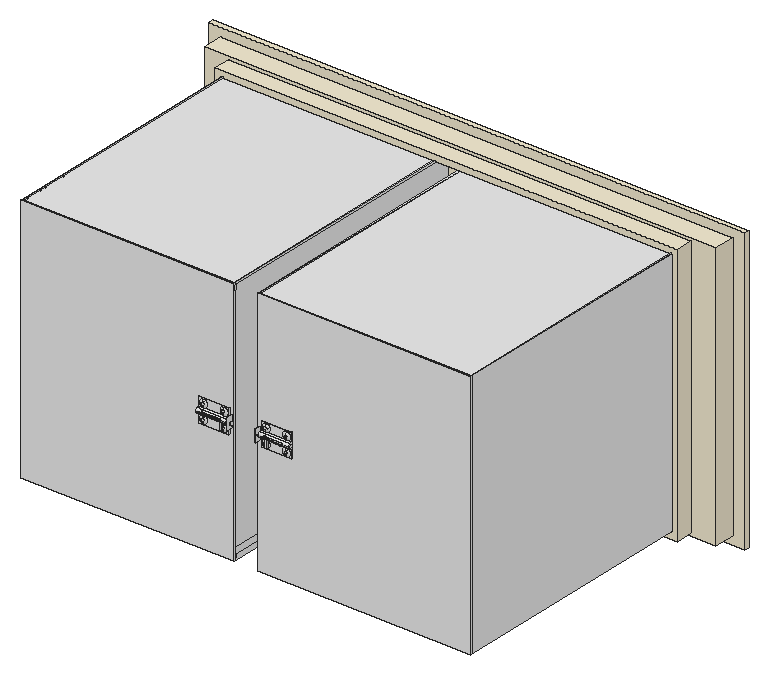
Revit family "Mailboxes_4C-Salsbury_Industries-Rear_Load-4_Door_High_Units", category Specialty Equipment, host Wall, Revit 2016
Family settings
  Host = Wall
  Part Type = Normal
  Round Connector Dimension = Use Diameter
  OmniClass Number = 23.40.90.14.11
  OmniClass Title = Mail Boxes
  Always vertical = Yes
  Cut with Voids When Loaded = No
  Shared = No
  Room Calculation Point = No
Parameters (values of type "3704D-06 RL")
  Width = 31.09766"
  URL = "www.mailboxes.com"
  OmniClass 23 Title = "Mail Boxes"
  OmniClass 23 Number = "23.40.90.14.11"
  Latch Lock-Left Side = yes
  Latch Lock-Right Side = yes
  Visible Door Number [instance] = yes
  Vertical Center Divider = yes
  Version = "3.0 (06/30/17)"
  Type Comments = "4C Standard Horizontal Mailbox - Rear Loading"
  Top Back Plate = no
  Right Inside Wall = yes
  Model = "3704D-06 RL"
  MasterFormat Title = "Postal Specialties"
  MasterFormat Number = "10 55 00"
  Manufacturer = "Salsbury Industries"
  Lock Material = Stainless Steel - Salsbury Finish -  Polished
  Left Inside Wall = yes
  Latch Distance = 7.213"
  Latch Alignment = 14.857"
  Keynote = ""
  Height = 16.500"
  Front Panel Material [instance] = Paint - Salsbury Finish - Sandstone
  Door Slot R4 Number [instance] = "6"
  Door Slot R4 = 3700 Series 4C Door Configurations : MB1 Door w/ Divider
  Door Slot R3 Number [instance] = "0"
  Door Slot R3 = 3700 Series 4C OM2 Configuration : OM2-RL
  Door Slot R2 Number [instance] = "0"
  Door Slot R2 = 3700 Series 4C Door Configurations : Empty
  Door Slot R1 Number [instance] = "5"
  Door Slot R1 = 3700 Series 4C Door Configurations : MB1 Door
  Door Slot L4 Number [instance] = "4"
  Door Slot L4 = 3700 Series 4C Door Configurations : MB1 Door w/ Divider
  Door Slot L3 Number [instance] = "3"
  Door Slot L3 = 3700 Series 4C Door Configurations : MB1 Door w/ Divider
  Door Slot L2 Number [instance] = "2"
  Door Slot L2 = 3700 Series 4C Door Configurations : MB1 Door w/ Divider
  Door Slot L1 Number [instance] = "1"
  Door Slot L1 = 3700 Series 4C Door Configurations : MB1 Door
  Description = "4 Door High Unit:  6 MB1, OM2"
  Depth = 17.025"
  Center Extrusion Offset [instance] = 0.000"
  Bottom Back Plate = no
  Back Enclosure Material = Aluminum - Salsbury Finish - Anodized
  Assembly Description = "Mailboxes"
  Assembly Code = "C1030910"
  Above Finished Floor (AFF-Bottom of Unit) [instance] = 26.683"
  Above Finished Floor (AFF-Bottom Shelf) [instance] = 28.000"
Reference planes (in)
  plane 1 "Wall Centerline": y = 0
  plane 2 "Center (Left/Right)": x = 0
  plane 3 "Front": y = 3
  plane 4 "15" AFF": z = 28
  plane 5 "28" AFF": z = 28
  plane 6 "36" AFF": z = 36
  plane 7 "48" AFF": z = 48
  plane 8 "Bottom of Unit": z = 26.683
  plane 9 "Top of Unit": z = 43.183
  plane 10 "Left Side of Unit": x = 15.54883
  plane 11 "Right Side of Unit": x = -15.54883
  plane 12 "28" AFF_Bottom of Unit": z = 26.683
  plane 13 "Top Horiz Trim Align": z = 42.35225
  plane 14 "Bottom Horiz Trim Align": z = 27.515
  plane 15 "Left Trim Align": x = 14.716
  plane 16 "Right Trim Align": x = -14.716
  plane 17 "Left Door Align": x = 14.06641
  plane 18 "Right Door Align": x = -14.06641
  plane 19 "Top Horiz Door Align": z = 41.76125
  plane 20 "Bottom Horiz Door Align": z = 28
  plane 21 "Front Face of Unit": y = 3.265
  plane 22 "Top Housing Align": z = 42.679
  plane 23 "Top Collar Align": z = 42.531
  plane 24 "Top Box Align": z = 42.176
  plane 25 "Vertical Housing Align": y = 1.795
  plane 26 "Vertical Collar Align": y = 0.795
  plane 27 "Back of Unit": y = -13.76
  plane 28 "Bottom Housing Align": z = 27.187
  plane 29 "Bottom Collar Align": z = 27.335
  plane 30 "Bottom Box Align": z = 27.75
  plane 31 "Door Alignment": y = 2.66809
  plane 32 "Right Housing Align": x = -14.84183
  plane 33 "Right Collar Align": x = -13.40883
  plane 34 "Right Box Side Align": x = -13.08083
  plane 35 "Left Housing Align": x = 14.84183
  plane 36 "Left Collar Align": x = 13.40883
  plane 37 "Left Side Box Align": x = 13.08083
  plane 38 "Top Back Plate Align": z = 41.397
  plane 39 "Bottom Back Plate Align": z = 28.499
  plane 40 "Back": y = -3
  plane 41 "RO Left Side": x = 15.17383
  plane 42 "RO Right Side": x = -15.17383
  plane 43 "RO Bottom": z = 27.058
  plane 44 "RO Top": z = 42.808
  plane 45 "Horiz Centerline": z = 42.04237
  plane 46: z = 27.885
  plane 47: x = 12.99983
  plane 48: x = 12.92758
  plane 49 "Center Extrusion": x = 0
  plane 50 "Center Extrusion Offset": x = 0
  plane 51 "Row 4 Top Align": z = 31.5
  plane 52 "Row 3 Top Align": z = 35
  plane 53 "Row 2 Top Align": z = 38.5
  plane 54 "Row 16 Top Align-Private": z = 31.5
  plane 55 "Row 15 Top Align-Private": z = 35
  plane 56 "Row 14 Top Align-Private": z = 38.5
  plane 57 "Row 13 Top Align-Private": z = 42
  plane 58 "Row 12 Top Align-Private": z = 45.5
  plane 59 "Row 11 Top Align-Private": z = 49
  plane 60 "Row 10 Top Align-Private": z = 52.25
  plane 61 "Row 9 Top Align-Private": z = 55.75
  plane 62 "Row 8 Top Align-Private": z = 59.25
  plane 63 "Top of Face Gap": z = 61.25
  plane 64 "Bottom Latch Align": z = 34.963
  plane 65 "Right Latch Align": x = -0.69183
  plane 66 "Left Latch Align": x = 0.69098
  plane 67 "Latch Alignment Edge": x = -15.54883
  plane 68: x = -12.92783
  plane 69: x = -12.99983
  plane 70: y = -13.84203
  plane 71: x = -2
  plane 72: x = -0.7705
  plane 73: x = 0.7705
  plane 74: x = 2
  plane 75: y = -13.67797
  plane 76: x = -0.69098
  plane 77: x = 0.69183
  plane 78: z = 39.897
  plane 79: z = 29.999
  plane 80: z = 41.81729
  plane 81: z = 28.41625
  plane 82: z = 27.446
  plane 83: z = 28.055
Forms (in)
  Extrusion 1, void
    sketch origin (0, 3, 0) x (1, 0, 0) y (0, 0, 1)
      loop
        line (15.17383, 42.808) -> (-15.17383, 42.808) -> (-15.17383, 27.058) -> (15.17383, 27.058) -> (15.17383, 42.808)
    from 0 to 15.27914
  Extrusion 2, solid, material "Paint - Salsbury Finish - Sandstone" <- "Front Panel Material"
    sketch origin (0, 3, 0) x (1, 0, 0) y (0, 0, 1)
      loop
        line (15.54883, 43.183) -> (-15.54883, 43.183) -> (-15.54883, 26.683) -> (15.54883, 26.683) -> (15.54883, 43.183)
    from -0.265 to 0
  Extrusion 3, void
    sketch origin (0, 3.265, 0.00774) x (0, 0, -1) y (-1, 0, 0)
      loop
        line (-42.34451, -14.716) -> (-27.50726, -14.716) -> (-27.50726, 14.716) -> (-42.34451, 14.716) -> (-42.34451, -14.716)
    from -0.265 to 0
  Extrusion 4, solid, material "Paint - Salsbury Finish - Sandstone" <- "Front Panel Material"
    sketch origin (14.98214, 3.265, -1.67978) x (0, 0, -1) y (-1, 0, 0)
      loop
        line (-44.03203, 29.69814) -> (-44.03203, 29.04855) -> (-29.19478, 29.04855) -> (-29.19478, 29.69814) -> (-44.03203, 29.69814)
    from 0 to -0.265
  Extrusion 5, solid, material "Paint - Salsbury Finish - Sandstone" <- "Front Panel Material"
    sketch origin (0, 3.265, 0) x (0, 0, -1) y (-1, 0, 0)
      loop
        line (-27.515, -14.06641) -> (-27.515, 14.06641) -> (-28, 14.06641) -> (-28, -14.06641) -> (-27.515, -14.06641)
    from -0.265 to 0
  Extrusion 6, solid, material "Paint - Salsbury Finish - Sandstone" <- "Front Panel Material"
    sketch origin (0, 3, 84.08475) x (1, 0, 0) y (0, 0, 1)
      loop
        line (-14.84183, -56.89775) -> (14.84183, -56.89775) -> (14.84183, -41.40575) -> (-14.84183, -41.40575) -> (-14.84183, -56.89775)
    from 0 to 1.205
  Extrusion 7, solid, material "Paint - Salsbury Finish - Sandstone" <- "Front Panel Material"
    sketch origin (0, 1.795, 0) x (0, 0, 1) y (-1, 0, 0)
      loop
        line (27.335, 13.40883) -> (27.335, -13.40883) -> (42.531, -13.40883) -> (42.531, 13.40883) -> (27.335, 13.40883)
    from 0 to 1
  Extrusion 8, void
    sketch origin (0, 1.795, 0) x (0, 0, 1) y (-1, 0, 0)
      loop
        line (42.176, 13.08083) -> (27.75, 13.08083) -> (27.75, -13.08083) -> (42.176, -13.08083) -> (42.176, 13.08083)
    from 0 to 1
  Extrusion 9, solid, material "Paint - Salsbury Finish - Sandstone" <- "Front Panel Material"
    sketch origin (0, 3.265, 0) x (0, 0, -1) y (-1, 0, 0)
      loop
        line (-42.35225, -14.716) -> (-27.515, -14.716) -> (-27.515, -14.06641) -> (-42.35225, -14.06641) -> (-42.35225, -14.716)
    from 0 to -0.265
  Extrusion 10, solid, material "Paint - Salsbury Finish - Sandstone" <- "Front Panel Material"
    sketch origin (0, 3.265, 0) x (0, 0, -1) y (-1, 0, 0)
      loop
        line (-42.35225, -14.06641) -> (-41.76125, -14.06641) -> (-41.76125, 14.06641) -> (-42.35225, 14.06641) -> (-42.35225, -14.06641)
    from -0.265 to 0
  Extrusion 11, void
    sketch origin (0, 1.795, 0) x (0, 0, 1) y (-1, 0, 0)
      loop
        line (42.531, -13.40883) -> (42.531, 13.40883) -> (27.335, 13.40883) -> (27.335, -13.40883) -> (42.531, -13.40883)
    from -1.124 to 0
  Extrusion 12, void
    sketch origin (0, 3, 0) x (1, 0, 0) y (0, 0, 1)
      loop
        line (14.06641, 42.531) -> (-14.06641, 42.531) -> (-14.06641, 27.335) -> (14.06641, 27.335) -> (14.06641, 42.531)
    from 0 to 0.33191
  Extrusion 13, solid, material "Aluminum - Salsbury Finish - Anodized" <- "Back Enclosure Material"
    sketch origin (-0.58189, 1.795, 0) x (0, 0, 1) y (-1, 0, 0)
      loop
        line (42.176, 12.49894) -> (27.75, 12.49894) -> (27.75, 12.41794) -> (42.176, 12.41794) -> (42.176, 12.49894)
    from 0 to 15.47297
  Extrusion 14, solid, material "Aluminum - Salsbury Finish - Anodized" <- "Back Enclosure Material", visible <- "Right Inside Wall"
    sketch origin (11.7675, 1.795, 0) x (0, 0, 1) y (-1, 0, 0)
      loop
        line (42.176, 12.538) -> (27.75, 12.538) -> (27.75, 12.45933) -> (42.176, 12.45933) -> (42.176, 12.538)
    from 0 to 15.47297
  Extrusion 15, solid, material "Aluminum - Salsbury Finish - Anodized" <- "Back Enclosure Material"
    sketch origin (0.54283, 1.795, 0) x (0, 0, 1) y (-1, 0, 0)
      loop
        line (42.176, -12.538) -> (42.176, -12.457) -> (27.75, -12.457) -> (27.75, -12.538) -> (42.176, -12.538)
    from 0 to 15.47297
  Extrusion 16, solid, material "Aluminum - Salsbury Finish - Anodized" <- "Back Enclosure Material", visible <- "Left Inside Wall"
    sketch origin (-11.7675, 1.795, 0) x (0, 0, 1) y (-1, 0, 0)
      loop
        line (42.176, -12.538) -> (42.176, -12.45849) -> (27.75, -12.45849) -> (27.75, -12.538) -> (42.176, -12.538)
    from 0 to 15.47297
  Extrusion 17, solid, material "Aluminum - Salsbury Finish - Anodized" <- "Back Enclosure Material"
    sketch origin (0, -13.76, 0) x (0, 0, 1) y (-1, 0, 0)
      loop
        line (42.176, 13.08083) -> (27.75, 13.08083) -> (27.75, -13.08083) -> (42.176, -13.08083) -> (42.176, 13.08083)
    from -0.08203 to 0
  Extrusion 18, solid, material "Aluminum - Salsbury Finish - Anodized" <- "Back Enclosure Material"
    sketch origin (-0.15625, 0, 42.176) x (0, 1, 0) y (-1, 0, 0)
      loop
        line (1.795, 12.84358) -> (-13.67797, 12.84358) -> (-13.67797, -13.15608) -> (1.795, -13.15608) -> (1.795, 12.84358)
    from -0.35871 to 0
  Extrusion 19, void
    sketch origin (0, 0, 42.176) x (0, 1, 0) y (-1, 0, 0)
      loop
        line (1.7325, 12.93342) -> (-13.61547, 12.93342) -> (-13.61547, -12.92758) -> (1.7325, -12.92758) -> (1.7325, 12.93342)
    from -0.0723 to -0.6459
  Extrusion 20, solid, material "Aluminum - Salsbury Finish - Anodized" <- "Back Enclosure Material"
    sketch origin (0, 0, 15.41625) x (1, 0, 0) y (0, 1, 0)
      loop
        line (-12.99983, 1.795) -> (-12.99983, -13.67797) -> (12.99983, -13.67797) -> (12.99983, 1.795) -> (-12.99983, 1.795)
    from 12.46875 to 13
  Extrusion 21, void
    sketch origin (0, 0, 27.91625) x (1, 0, 0) y (0, 1, 0)
      loop
        line (-12.93342, 1.7325) -> (-12.93342, -13.61547) -> (12.92758, -13.61547) -> (12.92758, 1.7325) -> (-12.93342, 1.7325)
    from 0.13875 to -0.47025
  Extrusion 22, solid, material "Aluminum - Salsbury Finish - Anodized" <- "Back Enclosure Material", visible <- "Top Back Plate", detail levels medium+fine
    sketch origin (0, -13.76, 0) x (0, 0, 1) y (-1, 0, 0)
      loop
        line (41.397, 2) -> (39.897, 2) -> (39.897, -2) -> (41.397, -2) -> (41.397, 2)
    from 0 to 0.08203
  Extrusion 23, solid, material "Aluminum - Salsbury Finish - Anodized" <- "Back Enclosure Material", visible <- "Bottom Back Plate", detail levels medium+fine
    sketch origin (0, -13.76, 84.11475) x (0, 0, -1) y (1, 0, 0)
      loop
        line (55.61575, -2) -> (55.61575, 2) -> (54.11575, 2) -> (54.11575, -2) -> (55.61575, -2)
    from 0 to 0.08203
  Extrusion 24, void
    sketch origin (0, 0, 0) x (0, 0, -1) y (0, 1, 0)
      loop
        line (-42.176, 1.795) -> (-42.176, -13.76) -> (-27.75, -13.76) -> (-27.75, 1.795) -> (-27.515, 1.795) -> (-27.515, 3.265) -> (-42.35225, 3.265) -> (-42.35225, 1.795) -> (-42.176, 1.795)
    from -0.69098 to 0.69183
  Extrusion 25, solid, material "Paint - Salsbury Finish - Sandstone" <- "Front Panel Material", visible <- "Vertical Center Divider"
    sketch origin (-0.77934, 3.265, 0) x (0, 0, -1) y (-1, 0, 0)
      loop
        line (-42.35225, -1.47033) -> (-27.515, -1.47033) -> (-27.515, -0.08752) -> (-42.35225, -0.08752) -> (-42.35225, -1.47033)
    from 0 to -1.47
Cuts and joins
  Extrusion 3, Extrusion 11, Extrusion 24 cuts Extrusion 2
  Extrusion 8, Extrusion 11, Extrusion 12, Extrusion 24 cuts Extrusion 5
  Extrusion 8, Extrusion 12, Extrusion 19, Extrusion 24 cuts Extrusion 7
  Extrusion 11, Extrusion 12, Extrusion 24 cuts Extrusion 10
  Extrusion 11, Extrusion 12 cuts Extrusion 6
  Extrusion 12 cuts Extrusion 4
  Extrusion 12 cuts Extrusion 9
  Extrusion 19, Extrusion 21, Extrusion 24 cuts Extrusion 18
  Extrusion 21, Extrusion 24 cuts Extrusion 20
  Extrusion 24 cuts Extrusion 17
  Extrusion 24 cuts Extrusion 22
  Extrusion 24 cuts Extrusion 23
Lines and regions (in)
  model lines
    curve 1: line (15.54883, 3.265, 43.183) -> (14.716, 3.265, 42.35225)
    curve 2: line (-15.54883, 3.265, 43.183) -> (-14.716, 3.265, 42.35225)
    curve 3: line (-15.54883, 3.265, 26.683) -> (-14.716, 3.265, 27.515)
    curve 4: line (15.54883, 3.265, 26.683) -> (14.716, 3.265, 27.515)
  reference lines
    curve 5: line (-14.06641, 2.66809, 26.683) -> (-14.06641, 2.66809, 43.183)
    curve 6: line (14.06641, 2.66809, 26.683) -> (14.06641, 2.66809, 43.183)
  symbolic lines
    curve 7: line (-13.08083, -13.76, 28) -> (13.08083, -13.76, 28)
    curve 8: line (-13.08083, 0.795, 28) -> (-13.08083, -13.76, 28)
    curve 9: line (13.40883, 0.795, 28) -> (-13.40883, 0.795, 28)
    curve 10: line (13.08083, -13.76, 28) -> (13.08083, 0.795, 28)
    curve 11: line (13.40883, 0.795, 28) -> (13.40883, 1.795, 28)
    curve 12: line (-13.40883, 0.795, 28) -> (-13.40883, 1.795, 28)
    curve 13: line (-14.84183, 3, 28) -> (-14.84183, 1.795, 28)
    curve 14: line (-14.84183, 1.795, 28) -> (14.84183, 1.795, 28)
    curve 15: line (14.84183, 1.795, 28) -> (14.84183, 3, 28)
    curve 16: line (-15.54883, 3.265, 28) -> (15.54883, 3.265, 28)
    curve 17: line (-15.54883, 3, 28) -> (-15.54883, 3.265, 28)
    curve 18: line (15.54883, 3, 28) -> (-15.54883, 3, 28)
    curve 19: line (15.54883, 3.265, 28) -> (15.54883, 3, 28)
    curve 20: line (-14.06641, 3.265, 28) -> (-14.06641, 4.43, 28)
    curve 21: line (-14.06641, 4.43, 28) -> (-0.69183, 4.43, 28)
    curve 22: line (-0.69183, 4.43, 28) -> (-0.69183, 3.265, 28)
Text (in)
  text "Placement Side" at (0, 40.15149, 123.01588), in view "Right"
  text "Placement Side" at (-58.6842, 42.74981, 0), in view "Ref. Level"
  text "Placement Side" at (0, 47.49176, 140.59947), in view "Left"
Dimensions and locks (in)
  locked: plane 3 "Front" to host wall
  "Above Finished Floor (AFF-Bottom Shelf)": level to plane 4 "15" AFF"
  locked: level to plane 5 "28" AFF" at 28
  locked: level to plane 6 "36" AFF" at 36
  locked: level to plane 7 "48" AFF" at 48
  equal spacing: plane 11 "Right Side of Unit", plane 2 "Center (Left/Right)", plane 10 "Left Side of Unit"
  plane 8 "Bottom of Unit" to plane 4 "15" AFF" = 1.317"
  "Width": plane 11 "Right Side of Unit" to plane 10 "Left Side of Unit"
  "Height": plane 8 "Bottom of Unit" to plane 9 "Top of Unit"
  plane 12 "28" AFF_Bottom of Unit" to plane 5 "28" AFF" = 1.317"
  locked: plane 15 "Left Trim Align" to plane 10 "Left Side of Unit" at 0.83283
  locked: plane 16 "Right Trim Align" to plane 11 "Right Side of Unit" at 0.83283
  locked: plane 13 "Top Horiz Trim Align" to plane 9 "Top of Unit" at 0.83075
  locked: plane 8 "Bottom of Unit" to plane 14 "Bottom Horiz Trim Align" at 0.832
  plane 17 "Left Door Align" to plane 15 "Left Trim Align" = 0.64959"
  plane 18 "Right Door Align" to plane 16 "Right Trim Align" = 0.64959"
  locked: plane 19 "Top Horiz Door Align" to plane 13 "Top Horiz Trim Align" at 0.591
  locked: plane 14 "Bottom Horiz Trim Align" to plane 20 "Bottom Horiz Door Align" at 0.485
  plane 20 "Bottom Horiz Door Align" to level = 28.000"
  plane 5 "28" AFF" to level = 28.000"
  plane 6 "36" AFF" to level = 36.000"
  plane 7 "48" AFF" to level = 48.000"
  plane 9 "Top of Unit" to plane 8 "Bottom of Unit" = 16.500"
  plane 21 "Front Face of Unit" to host wall = 0.265"
  locked: host wall to plane 25 "Vertical Housing Align" at 1.205
  locked: plane 25 "Vertical Housing Align" to plane 26 "Vertical Collar Align" at 1
  plane 25 "Vertical Housing Align" to plane 27 "Back of Unit" = 15.555"
  "Depth": plane 21 "Front Face of Unit" to plane 27 "Back of Unit"
  locked: plane 9 "Top of Unit" to plane 22 "Top Housing Align" at 0.504
  locked: plane 22 "Top Housing Align" to plane 23 "Top Collar Align" at 0.148
  locked: plane 23 "Top Collar Align" to plane 24 "Top Box Align" at 0.355
  locked: plane 28 "Bottom Housing Align" to plane 8 "Bottom of Unit" at 0.504
  locked: plane 29 "Bottom Collar Align" to plane 28 "Bottom Housing Align" at 0.148
  locked: plane 30 "Bottom Box Align" to plane 29 "Bottom Collar Align" at 0.415
  plane 24 "Top Box Align" to plane 30 "Bottom Box Align" = 14.426"  (x2)
  locked: plane 21 "Front Face of Unit" to plane 31 "Door Alignment" at 0.59691
  plane 11 "Right Side of Unit" to plane 32 "Right Housing Align" to plane 33 "Right Collar Align" to plane 34 "Right Box Side Align" = 0.707" locked, 1.433" locked, 0.328" locked
  plane 37 "Left Side Box Align" to plane 36 "Left Collar Align" to plane 35 "Left Housing Align" to plane 10 "Left Side of Unit" = 0.328" locked, 1.433" locked, 0.707" locked
  plane 11 "Right Side of Unit" to plane 32 "Right Housing Align" to plane 33 "Right Collar Align" to plane 34 "Right Box Side Align" = 0.707", 1.433", 0.328"
  plane 37 "Left Side Box Align" to plane 36 "Left Collar Align" to plane 35 "Left Housing Align" to plane 10 "Left Side of Unit" = 0.328", 1.433", 0.707"
  plane 9 "Top of Unit" to plane 24 "Top Box Align" = 1.007"
  plane 30 "Bottom Box Align" to plane 8 "Bottom of Unit" = 1.067"
  locked: plane 24 "Top Box Align" to plane 38 "Top Back Plate Align" at 0.779
  locked: plane 39 "Bottom Back Plate Align" to plane 30 "Bottom Box Align" at 0.749
  locked: plane 41 "RO Left Side" to plane 10 "Left Side of Unit" at 0.375
  locked: plane 42 "RO Right Side" to plane 11 "Right Side of Unit" at 0.375
  locked: plane 8 "Bottom of Unit" to plane 43 "RO Bottom" at 0.375
  locked: plane 44 "RO Top" to plane 9 "Top of Unit" at 0.375
  Extrusion 13 to Extrusion 13 = 0.081"
  plane 46 to plane 30 "Bottom Box Align" = 0.135"
  Extrusion 15 to Extrusion 15 = 0.081"
  plane 47 to plane 37 "Left Side Box Align" = 0.081"
  plane 48 to plane 47 = 0.07225"
  plane 18 "Right Door Align" to plane 17 "Left Door Align" = 28.13281"
  "Center Extrusion Offset": plane 49 "Center Extrusion" to plane 50 "Center Extrusion Offset"
  plane 20 "Bottom Horiz Door Align" to plane 51 "Row 4 Top Align" to plane 52 "Row 3 Top Align" to plane 53 "Row 2 Top Align" = 3.500", 3.500" locked, 3.500" locked
  plane 4 "15" AFF" to plane 54 "Row 16 Top Align-Private" = 3.500"
  plane 54 "Row 16 Top Align-Private" to plane 55 "Row 15 Top Align-Private" to plane 56 "Row 14 Top Align-Private" to plane 57 "Row 13 Top Align-Private" to plane 58 "Row 12 Top Align-Private" to plane 59 "Row 11 Top Align-Private" to plane 60 "Row 10 Top Align-Private" to plane 61 "Row 9 Top Align-Private" to plane 62 "Row 8 Top Align-Private" = 3.500" locked, 3.500" locked, 3.500" locked, 3.500" locked, 3.500" locked, 3.250" locked, 3.500" locked, 3.500" locked
  locked: plane 62 "Row 8 Top Align-Private" to plane 63 "Top of Face Gap" at 2
  "Above Finished Floor (AFF-Bottom of Unit)": level to plane 8 "Bottom of Unit"
  locked: plane 65 "Right Latch Align" to plane 66 "Left Latch Align" at 1.38281
  "Latch Distance": plane 64 "Bottom Latch Align" to plane 30 "Bottom Box Align"
  "Latch Alignment": plane 67 "Latch Alignment Edge" to plane 65 "Right Latch Align"
  curve 15 to curve 19 = 0.707"
  plane 34 "Right Box Side Align" to plane 69 to plane 68 = 0.081", 0.072"
  plane 70 to plane 27 "Back of Unit" = 0.08203"
  plane 27 "Back of Unit" to plane 75 = 0.08203"
  cut or joined group of Extrusion 6, Extrusion 11, Extrusion 12 to Extrusion 25 = 15.16525"
  plane 71 to plane 72 to plane 65 "Right Latch Align" to plane 50 "Center Extrusion Offset" = 1.2295", 0.07867", 0.69183"
  plane 50 "Center Extrusion Offset" to plane 66 "Left Latch Align" to plane 73 to plane 74 = 0.69098", 0.07952", 1.2295"
  plane 76 to plane 49 "Center Extrusion" to plane 77 = 0.69098" locked, 0.69183" locked
  plane 11 "Right Side of Unit" to Extrusion 2 = 31.09766"
  plane 10 "Left Side of Unit" to Extrusion 6 = 30.39066"
  plane 38 "Top Back Plate Align" to plane 78 = 1.500"
  plane 79 to plane 39 "Bottom Back Plate Align" = 1.500"
  plane 4 "15" AFF" to Extrusion 13 = 14.176"
  plane 4 "15" AFF" to Extrusion 14 = 14.176"
  Extrusion 14 to Extrusion 16 = 14.426"
  Extrusion 16 to Extrusion 15 = 14.426"
  locked: plane 80 to plane 24 "Top Box Align" at 0.35871
  plane 14 "Bottom Horiz Trim Align" to plane 81 = 0.90125"
  plane 82 to plane 30 "Bottom Box Align" to plane 83 = 0.304" locked, 0.305" locked
  aligned and locked: plane 8 "Bottom of Unit" to Extrusion 2 sketch curve
  aligned and locked: plane 10 "Left Side of Unit" to Extrusion 2 sketch curve
  aligned and locked: Extrusion 2 sketch curve to plane 11 "Right Side of Unit"
  aligned and locked: Extrusion 2 sketch curve to plane 9 "Top of Unit"
  aligned and locked: plane 21 "Front Face of Unit" to Extrusion 2
  aligned and locked: Extrusion 4 to plane 16 "Right Trim Align"
  aligned and locked: plane 18 "Right Door Align" to Extrusion 4
  aligned and locked: plane 13 "Top Horiz Trim Align" to Extrusion 4
  aligned and locked: Extrusion 5 to plane 14 "Bottom Horiz Trim Align"
  aligned and locked: Extrusion 5 to plane 17 "Left Door Align"
  aligned and locked: plane 20 "Bottom Horiz Door Align" to Extrusion 5
  aligned and locked: Extrusion 5 to plane 18 "Right Door Align"
  aligned and locked: plane 34 "Right Box Side Align" to Extrusion 17 sketch curve
  aligned and locked: Extrusion 17 sketch curve to plane 24 "Top Box Align"
  aligned and locked: Extrusion 17 sketch curve to plane 37 "Left Side Box Align"
  aligned and locked: plane 30 "Bottom Box Align" to Extrusion 17 sketch curve
  aligned and locked: plane 25 "Vertical Housing Align" to Extrusion 18 sketch curve
  aligned and locked: Extrusion 18 sketch curve to plane 47
  aligned and locked: plane 48 to Extrusion 19
  aligned and locked: plane 47 to cut or joined group of Extrusion 18, Extrusion 19, Extrusion 21, Extrusion 24
  aligned and locked: plane 25 "Vertical Housing Align" to Extrusion 20 sketch curve
  aligned and locked: Extrusion 20 sketch curve to plane 47
  aligned and locked: plane 48 to cut or joined group of Extrusion 20, Extrusion 21, Extrusion 24
  aligned and locked: plane 17 "Left Door Align" to cut or joined group of Extrusion 9, Extrusion 12
  aligned and locked: plane 25 "Vertical Housing Align" to Extrusion 25
  aligned and locked: plane 21 "Front Face of Unit" to Extrusion 25
  aligned and locked: nested 1 to plane 53 "Row 2 Top Align"
  aligned and locked: nested 5 to plane 17 "Left Door Align"
  aligned and locked: nested 5 to plane 53 "Row 2 Top Align"
  aligned and locked: plane 31 "Door Alignment" to nested 5  (x2)
  aligned and locked: nested 6 to plane 17 "Left Door Align"
  aligned and locked: nested 6 to plane 52 "Row 3 Top Align"
  aligned and locked: plane 31 "Door Alignment" to nested 6  (x2)
  aligned and locked: nested 3 to curve 5
  aligned and locked: nested 8 to curve 6
  aligned and locked: nested 7 to curve 6
  aligned and locked: nested 6 to curve 6
  aligned and locked: nested 5 to curve 6
  aligned and locked: plane 31 "Door Alignment" to nested 3
  aligned and locked: plane 31 "Door Alignment" to nested 7
  aligned and locked: plane 31 "Door Alignment" to nested 2
  aligned and locked: plane 31 "Door Alignment" to nested 4
  aligned and locked: nested 1 to curve 5
  aligned and locked: nested 2 to curve 5
  aligned and locked: nested 4 to curve 5
  aligned and locked: plane 31 "Door Alignment" to nested 1
  aligned and locked: plane 64 "Bottom Latch Align" to nested 9
  aligned and locked: plane 65 "Right Latch Align" to nested 9
  aligned and locked: plane 11 "Right Side of Unit" to plane 67 "Latch Alignment Edge"
  aligned and locked: nested 9 to plane 27 "Back of Unit"
  aligned and locked: plane 37 "Left Side Box Align" to curve 10
  aligned and locked: plane 27 "Back of Unit" to curve 7
  aligned and locked: curve 8 to plane 34 "Right Box Side Align"
  aligned and locked: curve 9 to plane 26 "Vertical Collar Align"
  aligned and locked: curve 13 to cut or joined group of Extrusion 6, Extrusion 11, Extrusion 12
  aligned and locked: curve 14 to cut or joined group of Extrusion 6, Extrusion 11, Extrusion 12
  aligned and locked: curve 15 to cut or joined group of Extrusion 6, Extrusion 11, Extrusion 12
  aligned and locked: nested 1 to curve 20
  aligned and locked: plane 65 "Right Latch Align" to curve 22
  aligned and locked: plane 21 "Front Face of Unit" to cut or joined group of Extrusion 2, Extrusion 3, Extrusion 11, Extrusion 24
  aligned and locked: plane 3 "Front" to cut or joined group of Extrusion 2, Extrusion 3, Extrusion 11, Extrusion 24
  aligned and locked: plane 35 "Left Housing Align" to cut or joined group of Extrusion 6, Extrusion 11, Extrusion 12  (x2)
  aligned and locked: plane 25 "Vertical Housing Align" to cut or joined group of Extrusion 6, Extrusion 11, Extrusion 12
  aligned and locked: cut or joined group of Extrusion 6, Extrusion 11, Extrusion 12 to plane 3 "Front"
  aligned and locked: cut or joined group of Extrusion 6, Extrusion 11, Extrusion 12 to plane 32 "Right Housing Align"
  aligned and locked: plane 26 "Vertical Collar Align" to cut or joined group of Extrusion 7, Extrusion 8, Extrusion 12, Extrusion 19, Extrusion 24
  aligned and locked: cut or joined group of Extrusion 7, Extrusion 8, Extrusion 12, Extrusion 19, Extrusion 24 to plane 33 "Right Collar Align"
  aligned and locked: cut or joined group of Extrusion 7, Extrusion 8, Extrusion 12, Extrusion 19, Extrusion 24 to plane 25 "Vertical Housing Align"
  aligned and locked: plane 36 "Left Collar Align" to cut or joined group of Extrusion 7, Extrusion 8, Extrusion 12, Extrusion 19, Extrusion 24
  aligned and locked: plane 37 "Left Side Box Align" to Extrusion 15
  aligned and locked: Extrusion 15 to plane 47  (x2)
  aligned and locked: plane 27 "Back of Unit" to cut or joined group of Extrusion 17, Extrusion 24
  aligned and locked: Extrusion 13 to plane 34 "Right Box Side Align"
  aligned and locked: plane 37 "Left Side Box Align" to cut or joined group of Extrusion 17, Extrusion 24
  aligned and locked: plane 69 to Extrusion 13
  aligned and locked: cut or joined group of Extrusion 18, Extrusion 19, Extrusion 21, Extrusion 24 to plane 69
  aligned and locked: plane 70 to cut or joined group of Extrusion 22, Extrusion 24
  aligned and locked: plane 70 to cut or joined group of Extrusion 23, Extrusion 24
  aligned and locked: cut or joined group of Extrusion 22, Extrusion 24 to plane 27 "Back of Unit"
  aligned and locked: cut or joined group of Extrusion 23, Extrusion 24 to plane 27 "Back of Unit"
  aligned and locked: plane 73 to Extrusion 16
  aligned and locked: Extrusion 14 to plane 72
  aligned and locked: plane 74 to cut or joined group of Extrusion 22, Extrusion 24
  aligned and locked: plane 71 to cut or joined group of Extrusion 22, Extrusion 24  (x2)
  aligned and locked: plane 71 to cut or joined group of Extrusion 23, Extrusion 24  (x2)
  aligned and locked: cut or joined group of Extrusion 23, Extrusion 24 to plane 74  (x2)
  aligned and locked: plane 75 to cut or joined group of Extrusion 17, Extrusion 24
  aligned and locked: plane 75 to cut or joined group of Extrusion 18, Extrusion 19, Extrusion 21, Extrusion 24
  aligned and locked: Extrusion 15 to plane 25 "Vertical Housing Align"
  aligned and locked: Extrusion 16 to plane 25 "Vertical Housing Align"
  aligned and locked: Extrusion 14 to plane 25 "Vertical Housing Align"
  aligned and locked: Extrusion 13 to plane 25 "Vertical Housing Align"
  aligned and locked: plane 75 to Extrusion 15
  aligned and locked: plane 75 to Extrusion 16
  aligned and locked: plane 75 to Extrusion 14
  aligned and locked: plane 75 to Extrusion 13
  aligned and locked: Extrusion 14 to plane 65 "Right Latch Align"
  aligned and locked: plane 13 "Top Horiz Trim Align" to cut or joined group of Extrusion 9, Extrusion 12
  aligned and locked: cut or joined group of Extrusion 9, Extrusion 12 to plane 15 "Left Trim Align"
  aligned and locked: cut or joined group of Extrusion 9, Extrusion 12 to plane 14 "Bottom Horiz Trim Align"
  aligned and locked: cut or joined group of Extrusion 4, Extrusion 12 to plane 14 "Bottom Horiz Trim Align"
  aligned and locked: cut or joined group of Extrusion 10, Extrusion 11, Extrusion 12, Extrusion 24 to plane 17 "Left Door Align"
  aligned and locked: cut or joined group of Extrusion 10, Extrusion 11, Extrusion 12, Extrusion 24 to plane 18 "Right Door Align"
  aligned and locked: cut or joined group of Extrusion 10, Extrusion 11, Extrusion 12, Extrusion 24 to plane 19 "Top Horiz Door Align"
  aligned and locked: plane 13 "Top Horiz Trim Align" to cut or joined group of Extrusion 10, Extrusion 11, Extrusion 12, Extrusion 24
  aligned and locked: plane 21 "Front Face of Unit" to cut or joined group of Extrusion 9, Extrusion 12
  aligned and locked: plane 3 "Front" to cut or joined group of Extrusion 9, Extrusion 12
  aligned and locked: plane 21 "Front Face of Unit" to cut or joined group of Extrusion 4, Extrusion 12
  aligned and locked: plane 3 "Front" to cut or joined group of Extrusion 4, Extrusion 12
  aligned and locked: plane 13 "Top Horiz Trim Align" to Extrusion 25
  aligned and locked: Extrusion 25 to plane 14 "Bottom Horiz Trim Align"
  aligned and locked: plane 65 "Right Latch Align" to Extrusion 25
  aligned and locked: Extrusion 25 to plane 66 "Left Latch Align"
  aligned and locked: plane 66 "Left Latch Align" to Extrusion 16
  aligned and locked: plane 76 to Extrusion 24
  aligned and locked: plane 77 to Extrusion 24
  aligned and locked: plane 27 "Back of Unit" to Extrusion 24
  aligned and locked: plane 21 "Front Face of Unit" to Extrusion 24
  aligned and locked: nested 9 to plane 65 "Right Latch Align"
  aligned and locked: plane 9 "Top of Unit" to curve 5
  aligned and locked: plane 8 "Bottom of Unit" to curve 5
  aligned and locked: plane 8 "Bottom of Unit" to curve 6
  aligned and locked: curve 6 to plane 17 "Left Door Align"
  aligned and locked: plane 22 "Top Housing Align" to cut or joined group of Extrusion 6, Extrusion 11, Extrusion 12
  aligned and locked: plane 28 "Bottom Housing Align" to cut or joined group of Extrusion 6, Extrusion 11, Extrusion 12
  aligned and locked: cut or joined group of Extrusion 7, Extrusion 8, Extrusion 12, Extrusion 19, Extrusion 24 to plane 29 "Bottom Collar Align"
  aligned and locked: plane 23 "Top Collar Align" to cut or joined group of Extrusion 7, Extrusion 8, Extrusion 12, Extrusion 19, Extrusion 24
  aligned and locked: plane 10 "Left Side of Unit" to curve 1
  aligned and locked: plane 9 "Top of Unit" to curve 1
  aligned and locked: plane 15 "Left Trim Align" to curve 1
  aligned and locked: plane 13 "Top Horiz Trim Align" to curve 1
  aligned and locked: plane 11 "Right Side of Unit" to curve 2
  aligned and locked: plane 9 "Top of Unit" to curve 2
  aligned and locked: plane 16 "Right Trim Align" to curve 2
  aligned and locked: plane 13 "Top Horiz Trim Align" to curve 2
  aligned and locked: plane 10 "Left Side of Unit" to curve 4
  aligned and locked: plane 8 "Bottom of Unit" to curve 4
  aligned and locked: plane 15 "Left Trim Align" to curve 4
  aligned and locked: plane 14 "Bottom Horiz Trim Align" to curve 4
  aligned and locked: plane 8 "Bottom of Unit" to curve 3
  aligned and locked: plane 11 "Right Side of Unit" to curve 3
  aligned and locked: plane 16 "Right Trim Align" to curve 3
  aligned and locked: plane 14 "Bottom Horiz Trim Align" to curve 3
  aligned and locked: cut or joined group of Extrusion 22, Extrusion 24 to plane 38 "Top Back Plate Align"
  aligned and locked: cut or joined group of Extrusion 22, Extrusion 24 to plane 74
  aligned and locked: plane 78 to cut or joined group of Extrusion 22, Extrusion 24
  aligned and locked: cut or joined group of Extrusion 23, Extrusion 24 to plane 39 "Bottom Back Plate Align"
  aligned and locked: plane 79 to cut or joined group of Extrusion 23, Extrusion 24
  aligned and locked: plane 24 "Top Box Align" to Extrusion 13
  aligned and locked: Extrusion 13 to plane 30 "Bottom Box Align"
  aligned and locked: plane 24 "Top Box Align" to Extrusion 14
  aligned and locked: Extrusion 14 to plane 30 "Bottom Box Align"
  aligned and locked: Extrusion 16 to plane 30 "Bottom Box Align"
  aligned and locked: plane 24 "Top Box Align" to Extrusion 16
  aligned and locked: plane 24 "Top Box Align" to Extrusion 15
  aligned and locked: Extrusion 15 to plane 30 "Bottom Box Align"
  aligned and locked: plane 24 "Top Box Align" to cut or joined group of Extrusion 18, Extrusion 19, Extrusion 21, Extrusion 24
  aligned and locked: plane 80 to cut or joined group of Extrusion 18, Extrusion 19, Extrusion 21, Extrusion 24
  aligned and locked: cut or joined group of Extrusion 20, Extrusion 21, Extrusion 24 to plane 46
  aligned and locked: plane 81 to cut or joined group of Extrusion 20, Extrusion 21, Extrusion 24
  aligned and locked: plane 75 to cut or joined group of Extrusion 20, Extrusion 21, Extrusion 24
  aligned and locked: cut or joined group of Extrusion 20, Extrusion 21, Extrusion 24 to plane 69
  aligned and locked: plane 21 "Front Face of Unit" to cut or joined group of Extrusion 5, Extrusion 8, Extrusion 11, Extrusion 12, Extrusion 24
  aligned and locked: plane 3 "Front" to cut or joined group of Extrusion 5, Extrusion 8, Extrusion 11, Extrusion 12, Extrusion 24
  aligned and locked: plane 21 "Front Face of Unit" to cut or joined group of Extrusion 10, Extrusion 11, Extrusion 12, Extrusion 24
  aligned and locked: plane 3 "Front" to cut or joined group of Extrusion 10, Extrusion 11, Extrusion 12, Extrusion 24
  aligned and locked: plane 51 "Row 4 Top Align" to nested 3
  aligned and locked: plane 51 "Row 4 Top Align" to nested 7
  aligned and locked: plane 31 "Door Alignment" to nested 8
  aligned and locked: plane 52 "Row 3 Top Align" to nested 2
  aligned and locked: plane 20 "Bottom Horiz Door Align" to nested 8
  aligned and locked: plane 20 "Bottom Horiz Door Align" to nested 4
  aligned and locked: Extrusion 21 to plane 83
  aligned and locked: plane 82 to Extrusion 21
  aligned and locked: plane 64 "Bottom Latch Align" to nested 10
  aligned and locked: plane 66 "Left Latch Align" to nested 10
Automatic sketch dimensions
  Extrusion 1 sketch curve to plane 42 "RO Right Side" = 0.000"
  plane 41 "RO Left Side" to Extrusion 1 sketch curve = 0.000"
  Extrusion 1 sketch curve to plane 43 "RO Bottom" = 0.000"
  Extrusion 1 sketch curve to plane 44 "RO Top" = 0.000"
  Extrusion 6 sketch curve to plane 22 "Top Housing Align" = 0.000"
  plane 32 "Right Housing Align" to Extrusion 6 sketch curve = 0.000"
  Extrusion 6 sketch curve to plane 35 "Left Housing Align" = 0.000"
  Extrusion 6 sketch curve to plane 28 "Bottom Housing Align" = 0.000"
  Extrusion 7 sketch curve to plane 29 "Bottom Collar Align" = 0.000"
  plane 23 "Top Collar Align" to Extrusion 7 sketch curve = 0.000"
  plane 36 "Left Collar Align" to Extrusion 7 sketch curve = 0.000"
  Extrusion 7 sketch curve to plane 33 "Right Collar Align" = 0.000"
  Extrusion 8 sketch curve to plane 30 "Bottom Box Align" = 0.000"
  Extrusion 8 sketch curve to plane 24 "Top Box Align" = 0.000"
  Extrusion 8 sketch curve to plane 37 "Left Side Box Align" = 0.000"
  plane 34 "Right Box Side Align" to Extrusion 8 sketch curve = 0.000"
  Extrusion 11 sketch curve to plane 29 "Bottom Collar Align" = 0.000"
  Extrusion 11 sketch curve to plane 23 "Top Collar Align" = 0.000"
  plane 36 "Left Collar Align" to Extrusion 11 sketch curve = 0.000"
  plane 33 "Right Collar Align" to Extrusion 11 sketch curve = 0.000"
  Extrusion 13 sketch curve to plane 30 "Bottom Box Align" = 0.000"
  plane 24 "Top Box Align" to Extrusion 13 sketch curve = 0.000"
  Extrusion 13 sketch curve to plane 34 "Right Box Side Align" = 0.000"
  Extrusion 13 sketch curve to Extrusion 13 sketch curve = 0.081"
  plane 30 "Bottom Box Align" to Extrusion 15 sketch curve = 0.000"
  Extrusion 15 sketch curve to plane 24 "Top Box Align" = 0.000"
  plane 37 "Left Side Box Align" to Extrusion 15 sketch curve = 0.000"
  plane 37 "Left Side Box Align" to Extrusion 15 sketch curve = 0.081"
  Extrusion 18 sketch curve to plane 27 "Back of Unit" = 0.08203"
  plane 34 "Right Box Side Align" to Extrusion 18 sketch curve = 0.081"
  plane 34 "Right Box Side Align" to Extrusion 20 sketch curve = 0.081"
  Extrusion 20 sketch curve to plane 27 "Back of Unit" = 0.08203"
  Extrusion 3 sketch curve to plane 13 "Top Horiz Trim Align" = 0.000"
  Extrusion 3 sketch curve to plane 14 "Bottom Horiz Trim Align" = 0.000"
  plane 15 "Left Trim Align" to Extrusion 3 sketch curve = 0.000"
  Extrusion 3 sketch curve to plane 16 "Right Trim Align" = 0.000"
  Extrusion 4 sketch curve to plane 13 "Top Horiz Trim Align" = 0.000"
  plane 14 "Bottom Horiz Trim Align" to Extrusion 4 sketch curve = 0.000"
  plane 16 "Right Trim Align" to Extrusion 4 sketch curve = 0.000"
  Extrusion 4 sketch curve to plane 18 "Right Door Align" = 0.000"
  plane 13 "Top Horiz Trim Align" to Extrusion 9 sketch curve = 0.000"
  Extrusion 9 sketch curve to plane 14 "Bottom Horiz Trim Align" = 0.000"
  Extrusion 9 sketch curve to plane 15 "Left Trim Align" = 0.000"
  plane 17 "Left Door Align" to Extrusion 9 sketch curve = 0.000"
  plane 13 "Top Horiz Trim Align" to Extrusion 10 sketch curve = 0.000"
  Extrusion 10 sketch curve to plane 17 "Left Door Align" = 0.000"
  Extrusion 10 sketch curve to plane 18 "Right Door Align" = 0.000"
  Extrusion 10 sketch curve to plane 19 "Top Horiz Door Align" = 0.000"
  Extrusion 12 sketch curve to plane 18 "Right Door Align" = 0.000"
  plane 17 "Left Door Align" to Extrusion 12 sketch curve = 0.000"
  Extrusion 12 sketch curve to plane 29 "Bottom Collar Align" = 0.000"
  Extrusion 12 sketch curve to plane 23 "Top Collar Align" = 0.000"
  Extrusion 14 sketch curve to plane 30 "Bottom Box Align" = 0.000"
  plane 24 "Top Box Align" to Extrusion 14 sketch curve = 0.000"
  Extrusion 14 sketch curve to plane 2 "Center (Left/Right)" = 0.69183"
  Extrusion 14 sketch curve to Extrusion 14 sketch curve = 0.07867"
  plane 30 "Bottom Box Align" to Extrusion 16 sketch curve = 0.000"
  Extrusion 16 sketch curve to plane 24 "Top Box Align" = 0.000"
  Extrusion 16 sketch curve to plane 2 "Center (Left/Right)" = 0.69098"
  Extrusion 16 sketch curve to Extrusion 16 sketch curve = 0.07952"
  Extrusion 19 sketch curve to plane 48 = 0.000"
  Extrusion 19 sketch curve to plane 27 "Back of Unit" = 0.14453"
  plane 25 "Vertical Housing Align" to Extrusion 19 sketch curve = 0.0625"
  plane 34 "Right Box Side Align" to Extrusion 19 sketch curve = 0.14741"
  Extrusion 21 sketch curve to plane 48 = 0.000"
  plane 25 "Vertical Housing Align" to Extrusion 21 sketch curve = 0.0625"
  plane 34 "Right Box Side Align" to Extrusion 21 sketch curve = 0.14741"
  Extrusion 21 sketch curve to plane 27 "Back of Unit" = 0.14453"
  Extrusion 22 sketch curve to plane 38 "Top Back Plate Align" = 0.000"
  plane 38 "Top Back Plate Align" to Extrusion 22 sketch curve = 1.500"
  plane 2 "Center (Left/Right)" to Extrusion 22 sketch curve = 2.000"
  Extrusion 22 sketch curve to plane 2 "Center (Left/Right)" = 2.000"
  Extrusion 23 sketch curve to plane 39 "Bottom Back Plate Align" = 0.000"
  Extrusion 23 sketch curve to plane 39 "Bottom Back Plate Align" = 1.500"
  Extrusion 23 sketch curve to plane 2 "Center (Left/Right)" = 2.000"
  plane 2 "Center (Left/Right)" to Extrusion 23 sketch curve = 2.000"
  plane 13 "Top Horiz Trim Align" to Extrusion 25 sketch curve = 0.000"
  Extrusion 25 sketch curve to plane 14 "Bottom Horiz Trim Align" = 0.000"
  plane 2 "Center (Left/Right)" to Extrusion 25 sketch curve = 0.69098"
  Extrusion 25 sketch curve to plane 2 "Center (Left/Right)" = 0.69183"
  plane 4 "15" AFF" to Extrusion 5 sketch curve = 0.000"
  Extrusion 5 sketch curve to plane 14 "Bottom Horiz Trim Align" = 0.000"
  Extrusion 5 sketch curve to plane 17 "Left Door Align" = 0.000"
  Extrusion 5 sketch curve to plane 18 "Right Door Align" = 0.000"
  curve 9 to plane 33 "Right Collar Align" = 0.000"
  curve 11 to plane 36 "Left Collar Align" = 0.000"
  plane 21 "Front Face of Unit" to curve 21 = 1.165"
  curve 18 to host wall = 0.000"
  curve 18 to plane 11 "Right Side of Unit" = 0.000"
  curve 16 to plane 21 "Front Face of Unit" = 0.000"
  Extrusion 24 sketch curve to plane 13 "Top Horiz Trim Align" = 0.000"
  Extrusion 24 sketch curve to plane 24 "Top Box Align" = 0.000"
  Extrusion 24 sketch curve to plane 27 "Back of Unit" = 0.000"
  Extrusion 24 sketch curve to plane 30 "Bottom Box Align" = 0.000"
  Extrusion 24 sketch curve to plane 14 "Bottom Horiz Trim Align" = 0.000"
  Extrusion 24 sketch curve to plane 25 "Vertical Housing Align" = 0.000"  (x2)
  Extrusion 24 sketch curve to plane 21 "Front Face of Unit" = 0.000"
  curve 6 to plane 9 "Top of Unit" = 0.000"
  curve 5 to plane 18 "Right Door Align" = 0.000"
Nested families (in)
  nested 1: "3700 Series 4C Door Configurations" at (-7.37891, 2.79505, 38.5) x (-1, 0, 0) z (0, 0, 1), type <- "Door Slot R1", Door Number <- "Door Slot R1 Number", type "MB1 Door"
    with Door Number "5"
  nested 2: "3700 Series 4C Door Configurations" at (-7.37891, 2.79505, 35) x (-1, 0, 0) z (0, 0, 1), type <- "Door Slot R2", Door Number <- "Door Slot R2 Number", type "Empty"
    with Door Number "0"
  nested 3: "3700 Series 4C OM2 Configuration" at (-7.37891, 2.79505, 31.5) x (-1, 0, 0) z (0, 0, 1), type <- "Door Slot R3", Door Number <- "Door Slot R3 Number", type "OM2-RL"
    with Door Number "0"
  nested 4: "3700 Series 4C Door Configurations" at (-7.37891, 2.79505, 28) x (-1, 0, 0) z (0, 0, 1), type <- "Door Slot R4", Door Number <- "Door Slot R4 Number", type "MB1 Door w/ Divider"
    with Door Number "6"
  nested 5: "3700 Series 4C Door Configurations" at (7.37891, 2.79505, 38.5) x (-1, 0, 0) z (0, 0, 1), type <- "Door Slot L1", Door Number <- "Door Slot L1 Number", type "MB1 Door"
    with Door Number "1"
  nested 6: "3700 Series 4C Door Configurations" at (7.37891, 2.79505, 35) x (-1, 0, 0) z (0, 0, 1), type <- "Door Slot L2", Door Number <- "Door Slot L2 Number", type "MB1 Door w/ Divider"
    with Door Number "2"
  nested 7: "3700 Series 4C Door Configurations" at (7.37891, 2.79505, 31.5) x (-1, 0, 0) z (0, 0, 1), type <- "Door Slot L3", Door Number <- "Door Slot L3 Number", type "MB1 Door w/ Divider"
    with Door Number "3"
  nested 8: "3700 Series 4C Door Configurations" at (7.37891, 2.79505, 28) x (-1, 0, 0) z (0, 0, 1), type <- "Door Slot L4", Door Number <- "Door Slot L4 Number", type "MB1 Door w/ Divider"
    with Door Number "4"
  nested 9: "4C Latch Lock" at (-1.81683, -13.882, 34.2755) x (-1, 0, 0) z (0, 0, 1), visible <- "Latch Lock-Right Side", type "Lock Latch"
  nested 10: "4C Latch Lock-Left" at (1.81598, -13.882, 34.2755) x (-1, 0, 0) z (0, 0, 1), visible <- "Latch Lock-Left Side", type "Lock Latch"
Definition of nested family "3700 Series 4C Door Configurations"
  Parameters (values of type "MB3 Door")
    Weight = "15 lbs."
    Visible Door Number = yes
    URL = ""
    Model = "3700MB3"
    Manufacturer = "Salsbury Industries"
    Lock Material = none
    Inset Offset = 0.000"
    Front Panel Material = none
    Door Width = 13.375"
    Door Visibility-MB1 = yes
    Door Number [instance] = "101"
    Door Lock = yes
    Door Height = 10.23047"
    Door Divider = no
    Door Depth = 0.25391"
    Description = "MB3 Door for 3700 Series 4C Mailboxes"
    Cost = 0
    Center Lock-Vertical = 0.875"
    Center Lock-Horizontal = 1.61523"
  Types (11): name | Weight | Visible Door Number | Model | Inset Offset | Door Visibility-MB1 | Door Lock | Door Height | Door Divider | Description
    MB1 Door w/ Divider | "5 lbs." | yes | "3700MB1" | 0.000" | yes | yes | 3.23047" | yes | "MB1 Door for 3700 Series 4C Mailboxes"
    MB1 Door | "5 lbs." | yes | "3700MB1" | 0.000" | yes | yes | 3.23047" | no | "MB1 Door for 3700 Series 4C Mailboxes"
    MB2 Door | "10 lbs." | yes | "3700MB2" | 0.000" | yes | yes | 6.73047" | no | "MB2 Door for 3700 Series 4C Mailboxes"
    MB2 Door w/ Divider | "10 lbs." | yes | "3700MB2" | 0.000" | yes | yes | 6.73047" | yes | "MB2 Door for 3700 Series 4C Mailboxes"
    MB3 Door | "15 lbs." | yes | "3700MB3" | 0.000" | yes | yes | 10.23047" | no | "MB3 Door for 3700 Series 4C Mailboxes"
    MB3 Door w/ Divider | "15 lbs." | yes | "3700MB3" | 0.000" | yes | yes | 10.23047" | yes | "MB3 Door for 3700 Series 4C Mailboxes"
    MB4 Door | "20 lbs." | yes | "3700MB4" | 0.000" | yes | yes | 13.73047" | no | "MB4 Door for 3700 Series 4C Mailboxes"
    MB4 Door w/ Divider | "20 lbs." | yes | "3700MB4" | 0.000" | yes | yes | 13.73047" | yes | "MB4 Door for 3700 Series 4C Mailboxes"
    Blank Door | "5 lbs." | no | "3700MB1" | 0.18359" | yes | no | 3.23047" | no | "MB1 Door for 3700 Series 4C Mailboxes"
    Blank Door w/ Divider | "5 lbs." | no | "3700MB1" | 0.18402" | yes | no | 3.23047" | yes | "MB1 Door for 3700 Series 4C Mailboxes"
    Empty | "5 lbs." | no | "Empty MB1" | 0.18359" | no | no | 3.23047" | no | "Empty MB1 Door for 3700 Series 4C Mailboxes"
  Reference planes (in)
    plane 1 "Center (Front/Back)": y = 0
    plane 2 "Bottom of Door": z = 0
    plane 3 "Center (Left/Right)": x = 0
    plane 4 "Left Side Face of Door": x = -6.6875
    plane 5 "Right Side Face of Door": x = 6.6875
    plane 6 "Back Face of Door": y = 0.12695
    plane 7 "Front Face of Door": y = -0.12695
    plane 8: z = 10.23047
    plane 9: z = 5.11523
    plane 10 "Face of Divider": y = -0.46995
    plane 11 "Center Lock Vertical": x = -5.8125
    plane 12 "Center Lock Horizontal": z = 1.61523
    plane 13 "Face of Lock": y = -0.42383
    plane 14 "Divider Height Align": z = 10.50047
    plane 15 "Inset Center": x = -0.0975
    plane 16 "Inset Offset": y = -0.12695
    plane 17: z = 5.49038
    plane 18: z = 4.74072
  Forms (in)
    Extrusion 1, solid, material <- "Front Panel Material", visible <- "Door Visibility-MB1"
      sketch origin (0, 0, 0) x (1, 0, 0) y (0, 1, 0)
        loop
          line (-6.4355, 0.12695) -> (-6.6875, -0.05445) -> (-6.6875, -0.12695) -> (6.05625, -0.12695)
          arc (6.05625, -0.12695) -> (6.19558, -0.17661) -> (6.27209, -0.3032) r 0.22029
          arc (6.27209, -0.3032) -> (6.3553, -0.42132) -> (6.4925, -0.46664) r 0.23034
          arc (6.4925, -0.46664) -> (6.63039, -0.40952) -> (6.6875, -0.27164) r 0.195
          line (6.6875, -0.27164) -> (6.6875, 0.12695) -> (-6.4355, 0.12695)
      from 0 to 10.23047
    Blend 2, solid, material <- "Lock Material", visible <- "Door Lock"
      base sketch origin (0, -0.12695, 0) x (-1, 0, 0) y (0, 0, 1)
        loop
          circle (5.8125, 5.11523) r 0.525
      top sketch origin (0, -0.12695, 0) x (-1, 0, 0) y (0, 0, 1)
        loop
          circle (5.8125, 5.11523) r 0.485
      from 0 to -0.29688
    Extrusion 3, solid, material <- "Front Panel Material", visible <- "Door Divider"
      sketch origin (0, 0, 10.50047) x (-1, 0, 0) y (0, -1, 0)
        loop
          line (6.6875, -0.12695) -> (6.6875, 0.46995) -> (-6.6875, 0.46995) -> (-6.6875, -0.12695) -> (6.6875, -0.12695)
      from -0.27 to 0
    Extrusion 4, void, detail levels fine
      sketch origin (0, -0.42383, 0) x (1, 0, 0) y (0, 0, 1)
        loop
          circle (-5.8125, 4.99523) r 0.285
      from 0 to -0.01562
    Extrusion 5, void, detail levels fine
      sketch origin (0, -0.42383, 0) x (1, 0, 0) y (0, 0, 1)
        loop
          line (-5.84183, 5.12353) -> (-5.84183, 4.82353) -> (-5.78183, 4.82353) -> (-5.78183, 5.12353) -> (-5.84183, 5.12353)
      from 0 to -0.03906
    Extrusion 6, void, detail levels fine
      sketch origin (0, -0.12695, 0) x (0, 0, 1) y (-1, 0, 0)
        loop
          arc (5.86523, 0.8475) -> (5.82862, 0.93589) -> (5.74023, 0.9725) r 0.125
          line (5.74023, 0.9725) -> (4.49023, 0.9725)
          arc (4.49023, 0.9725) -> (4.40185, 0.93589) -> (4.36523, 0.8475) r 0.125
          line (4.36523, 0.8475) -> (4.36523, -0.6525)
          arc (4.36523, -0.6525) -> (4.40185, -0.74089) -> (4.49023, -0.7775) r 0.125
          line (4.49023, -0.7775) -> (5.74023, -0.7775)
          arc (5.74023, -0.7775) -> (5.82862, -0.74089) -> (5.86523, -0.6525) r 0.125
          line (5.86523, -0.6525) -> (5.86523, 0.8475)
      from 0 to -0.03906
  Cuts and joins
    Extrusion 4, Extrusion 5 cuts Blend 2
    Extrusion 6 cuts Extrusion 1
  Lines and regions (in)
    symbolic lines
      curve 1: circle (-5.8125, 0, 5.11523) r 0.53054 normal (0, -1, 0)
  Dimensions and locks (in)
    equal spacing: plane 6 "Back Face of Door", plane 1 "Center (Front/Back)", plane 7 "Front Face of Door"
    "Door Depth": plane 6 "Back Face of Door" to plane 7 "Front Face of Door"
    equal spacing: plane 4 "Left Side Face of Door", plane 3 "Center (Left/Right)", plane 5 "Right Side Face of Door"  (x2)
    "Door Width": plane 4 "Left Side Face of Door" to plane 5 "Right Side Face of Door"
    locked: plane 7 "Front Face of Door" to plane 10 "Face of Divider" at 0.343
    "Center Lock-Vertical": plane 4 "Left Side Face of Door" to plane 11 "Center Lock Vertical"
    "Inset Offset": plane 16 "Inset Offset" to plane 7 "Front Face of Door"
    plane 4 "Left Side Face of Door" to plane 5 "Right Side Face of Door" = 13.375"
    plane 6 "Back Face of Door" to plane 10 "Face of Divider" = 0.59691"
    "Door Height": plane 8 to plane 2 "Bottom of Door"
    equal spacing: plane 8, plane 9, plane 2 "Bottom of Door"
    locked: plane 14 "Divider Height Align" to plane 8 at 0.27
    plane 17 to plane 9 to plane 18 = 0.37515" locked, 0.37452" locked
    aligned and locked: level to plane 2 "Bottom of Door"
    aligned and locked: plane 4 "Left Side Face of Door" to Extrusion 1
    aligned and locked: plane 6 "Back Face of Door" to Extrusion 1
    aligned and locked: plane 7 "Front Face of Door" to Extrusion 1
    aligned and locked: plane 8 to Extrusion 1
    aligned and locked: Extrusion 3 sketch curve to plane 4 "Left Side Face of Door"
    aligned and locked: Extrusion 3 sketch curve to plane 6 "Back Face of Door"
    aligned and locked: plane 5 "Right Side Face of Door" to Extrusion 3 sketch curve
    aligned and locked: Extrusion 3 to plane 8
    aligned and locked: plane 10 "Face of Divider" to Extrusion 3 sketch curve
    aligned and locked: plane 14 "Divider Height Align" to Extrusion 3
    aligned and locked: cut or joined group of Extrusion 1, Extrusion 6 to plane 2 "Bottom of Door"
    aligned and locked: plane 18 to text3d elem
  Automatic sketch dimensions
    Extrusion 1 sketch curve to plane 4 "Left Side Face of Door" = 0.000"
    Extrusion 1 sketch curve to plane 6 "Back Face of Door" = 0.000"
    Extrusion 1 sketch curve to plane 7 "Front Face of Door" = 0.000"
    Extrusion 1 sketch curve to plane 5 "Right Side Face of Door" = 0.000"
    Extrusion 1 sketch curve to plane 4 "Left Side Face of Door" = 0.252"
    plane 5 "Right Side Face of Door" to Extrusion 1 sketch curve = 0.63125"
    Extrusion 1 sketch curve to plane 7 "Front Face of Door" = 0.10935"
    plane 5 "Right Side Face of Door" to Extrusion 1 sketch curve = 0.195"
    Extrusion 1 sketch curve to plane 7 "Front Face of Door" = 0.14468"
    plane 10 "Face of Divider" to Extrusion 1 sketch curve = 0.12271"
    plane 1 "Center (Front/Back)" to Extrusion 1 sketch curve = 0.05445"
    plane 10 "Face of Divider" to Extrusion 1 sketch curve = 0.16676"
    Blend 2 sketch curve to plane 9 = 0.000"  (x2)
    plane 11 "Center Lock Vertical" to Blend 2 sketch curve = 0.000"  (x2)
    plane 11 "Center Lock Vertical" to Extrusion 4 sketch curve = 0.000"
    Extrusion 4 sketch curve to plane 9 = 0.120"
    Extrusion 4 sketch curve to Extrusion 4 sketch curve = 0.285"
    plane 11 "Center Lock Vertical" to Extrusion 5 sketch curve = 0.02933"
    Extrusion 5 sketch curve to plane 11 "Center Lock Vertical" = 0.03067"
    Extrusion 5 sketch curve to plane 9 = 0.2917"
    plane 9 to Extrusion 5 sketch curve = 0.0083"
    Extrusion 6 sketch curve to plane 9 = 0.750"
    Extrusion 6 sketch curve to Extrusion 6 sketch curve = 0.125"  (x3)
    plane 9 to Extrusion 6 sketch curve = 0.625"  (x2)
    plane 3 "Center (Left/Right)" to Extrusion 6 sketch curve = 0.7775"
    plane 15 "Inset Center" to Extrusion 6 sketch curve = 0.750"
    curve 1 to plane 9 = 0.000"
    plane 11 "Center Lock Vertical" to curve 1 = 0.000"
    radius of Blend 2 sketch curve = 0.525"
    radius of Blend 2 sketch curve = 0.485"
    radius of curve 1 = 0.53054"
Definition of nested family "3700 Series 4C OM2 Configuration"
  Parameters (values of type "OM2-RL")
    Weight = ""
    URL = ""
    Access Lock Offset = 0.3125"
    Access Lock = no
    Model = "3700OM2-RL"
    Manufacturer = "Salsbury Industries"
    Lock Material = none
    Front Panel Material = none
    Door Width = 13.375"
    Door Number [instance] = "101"
    Door Height = 7.00047"
    Door Depth = 0.25391"
    Description = "OM2 Door for 3700 Series 4C Mailboxes-Rear Loading"
    Cost = 0
    Center Lock-Vertical = 2.360"
    Center Lock-Horizontal = 1.61523"
  Types (3): name | Access Lock Offset | Access Lock | Model | Description
    (no name) | 0.3125" | no | "3700OM2-RL" | "OM2 Door for 3700 Series 4C Mailboxes-Rear Loading"
    OM2-FL | 0.000" | yes | "3700OM2-FL" | "OM2 Door for 3700 Series 4C Mailboxes-Front Loading"
    OM2-RL | 0.3125" | no | "3700OM2-RL" | "OM2 Door for 3700 Series 4C Mailboxes-Rear Loading"
  Reference planes (in)
    plane 1 "Center (Front/Back)": y = 0
    plane 2 "Bottom of Door": z = 0
    plane 3 "Center (Left/Right)": x = 0
    plane 4 "Left Side Face of Door": x = -6.6875
    plane 5 "Right Side Face of Door": x = 6.6875
    plane 6 "Back Face of Door": y = 0.12695
    plane 7 "Front Face of Door": y = -0.12695
    plane 8: z = 3.23047
    plane 9: z = 1.61523
    plane 10: y = -0.46995
    plane 11 "Center Lock Vertical": x = -4.3275
    plane 12 "Center Lock Horizontal": z = 1.61523
    plane 13 "Face of Lock": y = -0.42383
    plane 14 "Divider Height Align": z = 3.50047
    plane 15 "Plate Center": x = -0.16063
    plane 16 "Left Stud Align": x = -5.7025
    plane 17 "Right Stud Align": x = -2.8895
    plane 18 "Top Stud Align": z = 2.27147
    plane 19 "Bottom Stud Align": z = 0.95947
    plane 20 "Hinge Stud Align": x = 5.6875
    plane 21 "Mail Plate Top": z = 2.61547
    plane 22 "Mail Plate Bottom": z = 0.61547
    plane 23: x = -2.1595
    plane 24: x = 1.8405
    plane 25 "Face of Mail Plate": y = -0.16602
    plane 26 "Top of Mail Drop Door": z = 6.73094
    plane 27 "Top of Mail Drop Divider": z = 7.00047
    plane 28 "Face of Mail Drop": y = -0.31995
    plane 29 "Top of Mail Slot": z = 6.42087
    plane 30 "Bottom of Mail Slot": z = 5.67087
    plane 31 "Left Edge of Mail Slot": x = -5.3755
    plane 32 "Right Edge of Mail Slot": x = 5.3755
    plane 33 "Mail Slot Bottom Protusion": z = 6.50987
    plane 34: y = -0.49395
    plane 35: z = 6.15637
    plane 36 "Front of Awning": y = -1.63495
    plane 37: y = -1.15685
    plane 38 "Mail Slot Slope": through (-240, -0.44582, 6.9722) normal (0, -0.5, 0.866)
    plane 39 "Access Lock Offset": y = 0.43945
  Forms (in)
    Extrusion 1, solid, material <- "Front Panel Material"
      sketch origin (0, 0, 0) x (1, 0, 0) y (0, 1, 0)
        loop
          line (-6.4355, 0.12695) -> (-6.6875, -0.05445) -> (-6.6875, -0.12695) -> (6.05625, -0.12695)
          arc (6.05625, -0.12695) -> (6.19558, -0.17661) -> (6.27209, -0.3032) r 0.22029
          arc (6.27209, -0.3032) -> (6.3553, -0.42132) -> (6.4925, -0.46664) r 0.23034
          arc (6.4925, -0.46664) -> (6.63039, -0.40952) -> (6.6875, -0.27164) r 0.195
          line (6.6875, -0.27164) -> (6.6875, 0.12695) -> (-6.4355, 0.12695)
      from 0 to 3.23047
    Extrusion 2, solid, material <- "Front Panel Material"
      sketch origin (0, 0, 3.50047) x (-1, 0, 0) y (0, -1, 0)
        loop
          line (6.6875, -0.12695) -> (6.6875, 0.46995) -> (-6.6875, 0.46995) -> (-6.6875, -0.12695) -> (6.6875, -0.12695)
      from -0.27 to 0
    Extrusion 3, void
      sketch origin (0, 0.43945, 0) x (0, 0, -1) y (-1, 0, 0)
        loop
          circle (-1.61523, 4.3275) r 0.4375
      from 0 to -0.25391
    Extrusion 4, solid, material <- "Lock Material", visible <- "Access Lock"
      sketch origin (0, 0.43945, 0) x (0, 0, -1) y (-1, 0, 0)
        loop
          circle (-1.61523, 4.3275) r 0.42913
      from 0 to -0.25391
    Extrusion 5, void, detail levels fine
      sketch origin (0, 0.12695, 3.4) x (-1, 0, 0) y (0, 0, 1)
        loop
          line (4.3568, -1.47517) -> (4.2982, -1.47517) -> (4.2982, -2.09436) -> (4.3568, -2.09436) -> (4.3568, -1.47517)
      from -0.12695 to -0.25391
